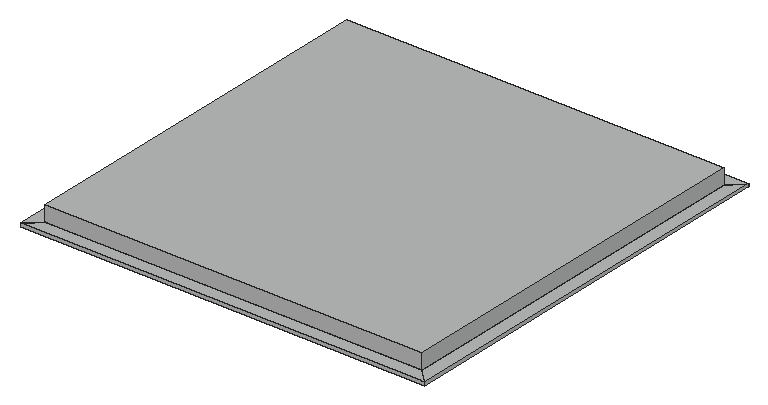
Revit family "AVRORA", category Осветительные приборы, Revit 2019 (continued)
Types (10, lengths in mm): name | built-in parameter 1150134 | Файл фотометрической сетки | built-in parameter 1150142 | built-in parameter 1150107 | Emit from Rectangle Width | Emit from Rectangle Length | Длина | Ширина | ADSK_Обозначение | ADSK_Наименование | ADSK_Код изделия
  AVRORA-32/prisma 595x595х25 (IP20, 4000К) | 12 | "Светильник AVRORA-32 PRISMA-(595x595).ies" | "IESNA:LM-63-1995\r\n[TEST] Протокол №308/16 от 13.10.2016г. Испытательная лаборатория Государственного предприятия \"ЦСОТ НАН Беларуси\"\r\n[MORE] FFFFFFFD1F2E12BA115213F195F3B3731\r\n[DATA] 12.10.2016\r\n[MANUFAC] ЗАО \"Центрстройсвет\"\r\n[LUMCAT] Светильник AVRORA-32/PRISMA-(595x595)\r\n[LUMINAIRE] \r\n[LAMP] \r\nTILT=NONE\r\n1    -1.0   1.000 46 181 1 2   0.595   0.595   0.025\r\n1.0  1.0   31.50\r\n0.0 2.0 4.0 6.0 8.0 10.0 12.0 14.0 16.0 18.0 20.0 22.0 24.0 26.0 28.0 30.0 32.0 34.0 36.0 38.0 40.0 42.0 44.0 46.0 48.0 50.0 52.0 54.0 56.0 58.0 60.0 62.0 64.0 66.0 68.0 70.0 72.0 74.0 76.0 78.0 80.0 82.0 84.0 86.0 88.0 90.0 \r\n0.0 2.0 4.0 6.0 8.0 10.0 12.0 14.0 16.0 18.0 20.0 22.0 24.0 26.0 28.0 30.0 32.0 34.0 36.0 38.0 40.0 42.0 44.0 46.0 48.0 50.0 52.0 54.0 56.0 58.0 60.0 62.0 64.0 66.0 68.0 70.0 72.0 74.0 76.0 78.0 80.0 82.0 84.0 86.0 88.0 90.0 92.0 94.0 96.0 98.0 100.0 102.0 104.0 106.0 108.0 110.0 112.0 114.0 116.0 118.0 120.0 122.0 124.0 126.0 128.0 130.0 132.0 134.0 136.0 138.0 140.0 142.0 144.0 146.0 148.0 150.0 152.0 154.0 156.0 158.0 160.0 162.0 164.0 166.0 168.0 170.0 172.0 174.0 176.0 178.0 180.0 182.0 184.0 186.0 188.0 190.0 192.0 194.0 196.0 198.0 200.0 202.0 204.0 206.0 208.0 210.0 212.0 214.0 216.0 218.0 220.0 222.0 224.0 226.0 228.0 230.0 232.0 234.0 236.0 238.0 240.0 242.0 244.0 246.0 248.0 250.0 252.0 254.0 256.0 258.0 260.0 262.0 264.0 266.0 268.0 270.0 272.0 274.0 276.0 278.0 280.0 282.0 284.0 286.0 288.0 290.0 292.0 294.0 296.0 298.0 300.0 302.0 304.0 306.0 308.0 310.0 312.0 314.0 316.0 318.0 320.0 322.0 324.0 326.0 328.0 330.0 332.0 334.0 336.0 338.0 340.0 342.0 344.0 346.0 348.0 350.0 352.0 354.0 356.0 358.0 360.0 \r\n1594.100 1603.000 1600.500 1583.100 1571.100 1570.500 1569.200 1556.500 1541.400 1520.800 1493.800 1465.100 1439.900 1407.300 1367.300 1328.200 1276.100 1219.200 \r\n1155.700 1084.000 1007.600 931.400 853.300 779.000 709.900 644.000 579.900 518.400 460.200 406.800 360.100 319.800 284.700 254.500 227.700 202.600 178.300 160.600 145.500 129.000 \r\n108.300 85.100 62.400 41.000 19.800 0.900 \r\n1594.000 1602.900 1599.400 1581.900 1571.000 1570.600 1570.900 1558.800 1542.100 1519.200 1491.700 1464.400 1439.800 1406.400 1364.500 1323.500 1274.800 1219.800 \r\n1155.500 1083.700 1006.500 930.100 851.600 777.700 708.800 644.100 580.900 520.600 463.100 410.300 363.500 322.700 287.000 256.200 228.500 202.200 176.900 159.200 144.200 128.100 \r\n107.800 84.900 62.300 41.000 19.800 0.900 \r\n1593.800 1602.700 1597.600 1581.100 1570.900 1572.400 1572.800 1561.500 1543.100 1518.100 1490.000 1463.800 1438.900 1404.900 1360.700 1315.000 1272.500 1218.800 \r\n1154.200 1082.400 1005.100 928.900 851.100 777.800 709.700 645.200 582.900 523.200 466.200 413.800 366.700 325.100 288.600 257.400 228.900 201.900 176.100 158.200 143.400 127.400 \r\n107.300 84.700 62.200 41.000 19.900 0.900 \r\n1594.200 1602.500 1596.600 1579.800 1570.100 1572.100 1575.200 1563.200 1542.600 1516.800 1488.900 1462.200 1437.600 1402.800 1358.000 1311.100 1269.900 1217.000 \r\n1152.100 1080.600 1003.500 928.500 852.300 780.300 713.000 648.800 586.400 526.500 469.900 417.600 369.700 327.300 289.800 258.100 229.200 201.700 175.900 157.900 142.900 127.000 \r\n107.000 84.600 62.000 41.000 19.900 0.900 \r\n1594.100 1602.100 1595.000 1578.300 1569.900 1573.300 1576.300 1565.800 1544.300 1515.300 1485.900 1460.500 1436.100 1400.600 1355.400 1307.700 1267.500 1215.100 \r\n1150.200 1078.600 1002.200 928.500 855.600 784.600 717.200 652.700 589.900 530.100 473.700 421.000 372.200 328.700 290.400 258.200 229.000 201.600 176.000 158.300 143.100 126.900 \r\n106.800 84.400 61.900 40.900 19.900 0.900 \r\n1594.400 1601.700 1594.500 1577.300 1568.800 1573.500 1578.400 1567.300 1544.400 1513.100 1484.200 1460.300 1434.300 1398.600 1353.800 1306.200 1266.300 1213.300 \r\n1148.400 1076.000 1001.200 930.000 858.900 788.900 721.400 656.500 593.500 533.500 477.300 424.300 374.400 329.700 290.500 257.600 228.500 201.500 176.600 159.000 143.600 126.900 \r\n106.700 84.200 61.700 40.800 19.800 0.900 \r\n1593.800 1601.200 1593.800 1576.100 1567.800 1572.600 1579.300 1568.800 1544.300 1511.400 1482.600 1459.500 1432.800 1397.200 1353.000 1305.000 1264.900 1211.700 \r\n1147.400 1074.400 1001.000 931.900 862.000 793.000 725.300 660.600 597.800 537.800 481.300 427.900 376.900 331.000 290.700 257.000 227.600 201.300 177.300 160.000 144.300 127.300 \r\n106.700 84.000 61.500 40.700 19.800 0.900 \r\n1594.000 1601.400 1592.700 1575.200 1567.000 1572.900 1579.600 1570.100 1545.300 1509.300 1480.800 1458.100 1432.100 1396.500 1352.700 1304.900 1264.100 1209.700 \r\n1146.600 1073.600 1001.400 934.000 865.400 796.700 729.200 664.000 601.300 541.900 485.600 431.600 379.600 332.300 290.900 256.000 226.300 200.800 177.800 160.900 145.000 127.700 \r\n106.700 83.700 61.100 40.400 19.700 0.800 \r\n1594.300 1600.300 1591.700 1574.100 1566.500 1573.300 1581.400 1571.900 1544.800 1508.600 1479.200 1457.400 1431.800 1397.200 1354.300 1306.100 1263.600 1207.200 \r\n1144.200 1072.700 1001.800 935.400 867.300 800.000 732.700 667.600 605.200 546.300 490.300 435.700 382.500 333.700 291.100 255.200 224.800 199.900 177.800 161.400 145.500 127.900 \r\n106.700 83.300 60.600 40.100 19.500 0.800 \r\n1594.600 1599.700 1590.300 1573.000 1565.000 1571.800 1581.000 1572.600 1544.800 1507.600 1478.300 1456.900 1431.900 1398.400 1355.600 1308.200 1262.900 1205.000 \r\n1141.200 1072.200 1001.400 935.500 868.000 802.200 735.700 671.600 609.300 551.100 494.700 439.900 385.400 335.500 291.600 254.700 223.400 198.600 177.200 161.400 145.600 128.000 \r\n106.500 83.000 60.100 39.800 19.300 0.800 \r\n1594.100 1599.800 1588.900 1571.800 1564.400 1571.100 1581.800 1573.200 1544.500 1507.300 1477.400 1456.600 1432.000 1398.900 1356.900 1309.200 1262.400 1201.900 \r\n1137.300 1070.300 1000.200 935.000 869.000 804.100 739.200 675.400 613.900 555.600 499.000 443.500 388.500 337.300 292.400 254.400 222.200 197.100 176.300 160.700 145.300 127.700 \r\n106.300 82.700 59.700 39.500 19.000 0.800 \r\n1594.100 1598.900 1588.400 1570.600 1563.500 1571.100 1580.500 1574.200 1546.200 1507.400 1477.600 1456.600 1432.300 1399.800 1357.600 1310.400 1261.200 1200.800 \r\n1133.500 1067.300 999.400 935.600 870.900 807.400 743.400 680.000 618.200 559.800 503.200 447.300 391.700 339.500 293.600 254.400 221.400 195.600 174.900 159.600 144.500 127.200 \r\n106.000 82.400 59.500 39.300 18.900 0.800 \r\n1594.000 1597.900 1587.900 1569.600 1561.900 1569.800 1579.300 1575.300 1545.900 1507.000 1477.300 1456.600 1432.600 1400.400 1358.200 1309.700 1260.200 1199.000 \r\n1131.200 1065.200 999.600 937.700 873.600 811.000 746.900 683.900 622.400 564.200 507.500 451.700 395.200 342.000 294.900 254.800 220.900 194.300 173.200 158.100 143.200 126.300 \r\n105.500 82.100 59.300 39.200 18.700 0.800 \r\n1594.200 1597.800 1586.800 1568.700 1560.600 1566.900 1579.600 1574.600 1545.800 1508.300 1477.800 1457.300 1433.800 1401.300 1358.400 1310.200 1259.500 1198.000 \r\n1130.200 1064.600 1001.400 940.500 877.000 813.600 749.400 686.800 627.000 569.000 512.200 456.000 398.900 344.600 296.700 255.400 220.700 193.400 171.600 156.300 141.400 125.100 \r\n104.900 81.700 59.300 39.100 18.700 0.800 \r\n1594.300 1597.400 1586.000 1567.700 1559.200 1565.300 1577.700 1574.800 1545.700 1509.100 1479.100 1458.200 1434.400 1401.900 1358.900 1311.300 1259.200 1197.800 \r\n1131.100 1065.900 1003.900 943.600 879.900 814.900 751.300 690.500 631.900 574.400 517.400 460.500 402.800 347.600 298.600 256.300 220.500 192.500 169.900 154.200 139.300 123.500 \r\n104.000 81.400 59.100 39.000 18.500 0.700 \r\n1593.800 1597.600 1585.400 1567.200 1556.900 1562.600 1576.000 1573.800 1546.100 1509.600 1479.900 1459.100 1435.000 1402.700 1360.200 1312.500 1259.800 1198.000 \r\n1132.900 1068.200 1006.200 945.500 881.000 816.000 754.100 695.100 636.900 579.700 522.600 465.900 407.400 351.400 300.900 257.400 220.600 191.700 168.200 151.800 136.900 121.500 \r\n102.900 80.900 59.000 38.900 18.500 0.700 \r\n1594.100 1597.000 1584.900 1566.300 1555.800 1561.200 1573.500 1572.300 1546.500 1510.900 1480.800 1459.700 1435.900 1403.200 1362.000 1313.900 1260.800 1198.600 \r\n1134.900 1070.500 1008.300 946.600 882.700 818.300 757.900 698.900 642.100 585.800 529.100 471.600 412.800 355.500 303.800 258.800 220.700 190.800 166.600 149.300 134.200 119.000 \r\n101.400 80.400 59.000 38.800 18.400 0.700 \r\n1594.300 1597.000 1583.900 1565.700 1553.700 1558.800 1571.800 1570.500 1546.000 1511.500 1482.000 1460.500 1436.200 1403.900 1363.400 1314.900 1261.700 1199.300 \r\n1136.800 1072.600 1009.400 948.000 885.000 821.700 761.400 702.800 646.800 591.700 535.600 477.900 418.300 360.000 306.900 260.500 221.100 190.200 164.900 147.000 131.300 116.200 \r\n99.400 79.700 58.900 38.700 18.300 0.700 \r\n1594.500 1596.400 1583.000 1564.100 1552.600 1556.400 1567.500 1569.100 1546.100 1512.000 1482.400 1460.200 1436.200 1403.900 1364.000 1314.400 1263.700 1201.100 \r\n1137.800 1074.400 1010.600 949.600 887.800 825.000 764.700 707.400 651.600 597.300 541.800 483.900 424.100 365.200 310.800 263.100 222.100 189.700 163.400 144.600 128.400 113.100 \r\n97.000 78.500 58.700 38.700 18.200 0.700 \r\n1594.900 1596.300 1583.100 1563.100 1550.500 1553.700 1565.700 1566.100 1545.100 1512.500 1481.900 1459.300 1436.600 1403.800 1365.200 1314.900 1265.400 1201.900 \r\n1137.300 1075.500 1012.900 951.900 890.900 827.800 768.200 711.600 656.500 602.300 546.900 489.600 429.900 370.600 315.200 266.100 223.700 189.700 162.100 142.400 125.500 110.000 \r\n94.100 76.800 58.200 38.500 18.000 0.700 \r\n1594.600 1595.600 1582.700 1562.400 1549.200 1550.800 1562.700 1562.800 1543.000 1512.200 1481.000 1458.900 1435.500 1404.100 1366.300 1315.700 1264.200 1201.900 \r\n1136.200 1075.800 1014.500 953.900 892.900 830.000 770.900 715.300 660.100 606.500 551.500 494.900 435.500 375.800 319.600 269.400 225.500 190.100 161.200 140.500 122.800 106.800 \r\n91.200 74.600 57.000 37.900 17.700 0.700 \r\n1594.600 1595.400 1581.600 1561.300 1547.700 1548.600 1557.900 1560.100 1541.000 1510.900 1479.700 1456.600 1434.400 1403.700 1366.400 1315.400 1263.500 1201.300 \r\n1134.600 1075.300 1015.700 954.200 893.300 831.500 772.800 718.500 663.000 610.100 555.800 499.800 440.700 380.900 323.900 272.700 227.700 191.000 160.800 139.100 120.400 103.900 \r\n88.300 72.200 55.400 37.200 17.400 0.700 \r\n1594.400 1595.500 1581.500 1560.900 1547.200 1545.800 1555.400 1557.000 1537.900 1509.800 1478.200 1454.100 1432.500 1402.800 1366.400 1314.800 1261.000 1199.100 \r\n1133.900 1074.600 1015.600 952.800 893.000 832.300 774.000 719.500 665.200 612.800 559.600 503.700 445.000 385.200 327.500 275.700 229.900 192.300 161.000 138.400 118.700 101.500 \r\n85.700 70.000 53.700 36.300 17.000 0.700 \r\n1594.800 1595.200 1581.100 1560.600 1545.800 1544.300 1551.000 1553.200 1537.400 1508.700 1476.000 1451.600 1430.400 1402.000 1364.300 1313.200 1258.500 1198.000 \r\n1133.900 1074.400 1014.000 952.400 892.600 833.200 774.400 719.900 666.800 615.300 562.100 506.300 447.700 388.100 330.400 278.100 232.000 193.800 161.700 138.500 118.000 99.800 \r\n83.500 67.900 52.100 35.300 16.600 0.700 \r\n1594.500 1594.900 1580.900 1559.700 1545.200 1542.800 1547.500 1549.300 1535.100 1507.300 1474.400 1448.000 1426.900 1399.700 1361.600 1311.800 1256.200 1196.500 \r\n1135.300 1074.400 1012.900 952.900 892.700 834.200 775.400 721.000 668.400 616.300 563.300 507.700 449.300 390.100 332.500 280.400 234.100 195.600 162.900 139.300 118.100 99.100 \r\n81.900 66.000 50.500 34.200 16.100 0.700 \r\n1594.300 1594.100 1580.800 1559.600 1544.500 1540.900 1545.500 1546.300 1532.600 1505.000 1471.400 1444.500 1423.300 1396.300 1359.100 1310.100 1256.000 1195.900 \r\n1136.200 1075.100 1014.000 954.100 893.800 835.400 777.200 721.700 668.600 616.000 563.500 507.600 449.900 391.100 334.200 282.400 236.300 197.500 164.500 140.500 118.900 99.000 \r\n81.000 64.600 49.200 33.300 15.600 0.600 \r\n1594.800 1594.100 1580.000 1559.300 1543.900 1539.800 1543.100 1543.700 1530.100 1503.000 1468.300 1440.200 1418.300 1393.600 1357.300 1308.600 1255.800 1196.200 \r\n1135.000 1075.700 1016.500 956.100 895.100 836.400 779.000 722.200 668.300 615.200 561.900 506.900 449.700 391.800 335.600 284.300 238.500 199.800 166.400 142.100 120.100 99.500 \r\n80.500 63.400 47.900 32.400 15.100 0.600 \r\n1594.400 1594.200 1579.300 1558.700 1543.700 1537.900 1540.500 1541.000 1527.800 1501.100 1465.300 1436.100 1413.900 1390.500 1356.900 1308.700 1255.800 1197.300 \r\n1134.700 1076.200 1019.000 958.400 895.800 837.600 779.300 722.500 667.400 613.900 560.000 505.000 448.900 392.400 337.000 286.600 241.100 202.400 168.600 144.000 121.700 100.400 \r\n80.300 62.500 46.800 31.500 14.700 0.600 \r\n1594.800 1593.700 1579.000 1558.700 1544.200 1538.300 1539.600 1539.500 1527.000 1500.300 1464.000 1432.500 1410.900 1387.700 1357.200 1309.900 1257.400 1198.400 \r\n1134.900 1076.700 1020.100 959.900 897.100 837.700 778.900 721.300 665.100 611.100 557.100 502.400 447.700 392.800 338.800 288.900 244.000 205.300 173.400 146.200 123.600 101.700 \r\n80.600 61.900 45.700 30.500 14.200 0.600 \r\n1594.800 1593.600 1579.200 1558.900 1543.600 1537.900 1538.200 1539.200 1526.500 1501.800 1463.400 1430.700 1409.100 1387.300 1358.600 1313.200 1260.700 1200.000 \r\n1137.400 1078.200 1020.300 960.300 897.300 836.800 777.600 718.900 661.300 606.400 552.700 499.100 446.400 393.000 340.400 291.300 247.000 208.400 176.200 148.600 125.800 103.400 \r\n81.300 61.600 44.900 29.500 13.700 0.600 \r\n1595.000 1593.400 1578.900 1559.200 1543.100 1537.800 1538.300 1539.400 1528.100 1503.100 1465.100 1431.000 1407.400 1388.300 1361.500 1319.100 1264.600 1201.700 \r\n1140.800 1080.100 1020.300 959.700 896.500 835.500 774.400 714.800 656.000 600.000 547.200 495.400 444.400 393.100 341.900 293.800 250.200 211.800 179.400 151.400 128.400 105.500 \r\n82.500 61.800 44.300 28.700 13.200 0.500 \r\n1594.800 1593.300 1578.400 1558.800 1543.400 1537.100 1537.000 1539.300 1529.900 1505.100 1467.400 1432.800 1409.000 1389.700 1365.700 1324.400 1269.300 1206.000 \r\n1143.400 1082.800 1021.300 958.600 895.800 832.600 769.600 708.900 648.900 592.400 540.600 490.600 441.600 392.400 343.000 296.200 253.600 215.600 182.800 154.400 131.300 108.000 \r\n84.400 62.600 44.200 28.100 12.800 0.500 \r\n1594.400 1592.800 1578.900 1559.400 1544.100 1538.400 1538.600 1540.700 1531.700 1509.800 1472.700 1437.000 1411.300 1391.200 1369.100 1328.900 1274.600 1211.000 \r\n1146.000 1085.500 1022.800 959.100 894.500 830.200 764.900 701.500 641.000 584.900 533.700 485.100 438.000 390.700 343.400 298.200 256.800 219.300 186.500 157.700 134.500 110.800 \r\n86.500 63.700 44.300 27.900 12.500 0.500 \r\n1594.700 1593.100 1579.100 1559.700 1544.700 1538.200 1540.000 1542.500 1534.500 1514.600 1478.800 1443.100 1414.800 1392.700 1369.700 1330.300 1279.700 1215.600 \r\n1149.100 1086.700 1024.700 960.000 893.400 827.000 759.900 693.900 633.500 577.400 526.600 478.900 433.300 388.000 343.000 299.600 259.700 223.000 190.300 161.100 137.700 113.800 \r\n88.900 65.200 44.900 27.800 12.300 0.500 \r\n1594.900 1592.900 1578.600 1560.700 1545.300 1539.300 1539.600 1544.000 1538.400 1520.400 1487.500 1449.700 1418.600 1394.100 1369.500 1332.300 1282.400 1219.000 \r\n1151.700 1086.900 1025.100 959.900 891.900 823.000 753.900 687.300 626.800 570.600 520.000 472.800 427.800 384.300 341.600 300.100 261.900 226.500 194.100 164.500 140.800 116.800 \r\n91.500 67.000 45.700 28.000 12.300 0.500 \r\n1594.800 1592.300 1579.600 1561.700 1546.500 1539.800 1541.600 1545.400 1541.800 1526.200 1495.600 1458.000 1424.100 1395.400 1367.600 1330.500 1283.700 1222.400 \r\n1153.900 1086.000 1023.800 958.400 889.300 817.800 747.400 680.700 620.100 564.400 513.500 466.300 422.000 379.700 339.100 299.700 263.100 229.200 197.400 167.500 143.500 119.600 \r\n94.100 69.100 46.700 28.300 12.300 0.500 \r\n1594.500 1592.100 1579.900 1561.900 1547.000 1541.200 1542.000 1547.500 1544.200 1531.400 1503.900 1466.100 1428.600 1395.900 1365.700 1328.600 1284.500 1224.600 \r\n1156.600 1086.200 10
